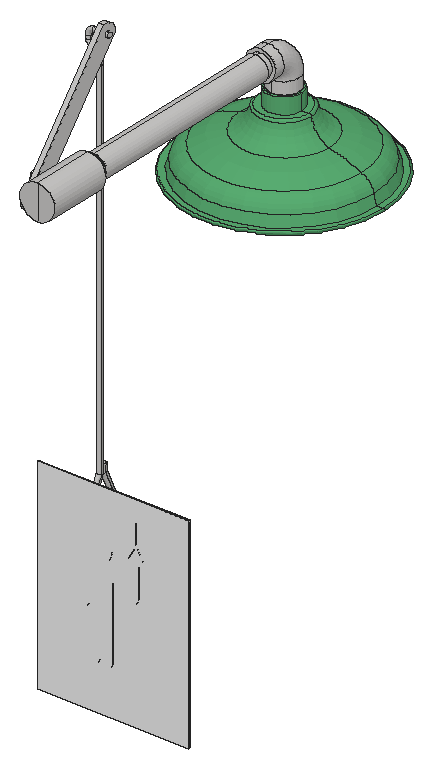
Revit family "Shower-Haws_Corporation-Drench_Shower_8122", category Plumbing Fixtures, host Wall, Revit 2013
Parameters (values of type "8122")
  Waste Connection = WFU = 1  # yes
  WFU = 1  # constant formula
  Vent Connection = WFU > 1  # no
  URL = "http://www.hawsco.com/"
  Type Comments = "Drench shower offers a new hydrodynamic shower design that minimizes the strong physical pressure"
  Tubing = Metal - Haws Corporation - Galvanized Steel
  Supply Radius = 1"
  Shower Head = Metal - Haws Corporation - Green Powder Coating
  Series = "AXION MSR™"  # constant formula
  Pull Rod Height = 69"
  Pull Rod = Metal - Haws Corporation - High Polished Stainless Steel
  Product Page URL = "http://www.hawsco.com/drench-shower-with-abs-plastic-head"
  Product Documentation Link = "http://www.hawsco.com/downloads/dl/file/id/14678/haws_model_8122_specsheet_pdf.pdf"
  Model = "8122"
  Max.Overhang = 16 1/4"  # constant formula
  Material = ""
  Head Level = 86 1/4"
  Manufacturer = "Haws Corporation 1455 Kleppe Lane Sparks, NV 89431"  # constant formula
  Keynote = "15410"
  HWFU = 1  # constant formula
  HW Connection = HWFU > 1  # no
  Flow = 31 GPM
  Description = "Requires minimal maintenance and is equipped with test card to record weekly testing"
  Cost Note = "For Cost information please visit the Resource tab in the Product Page URL"  # constant formula
  Connection Radius = 1/2"  # constant formula
  CWFU = 1  # constant formula
  CW Connection = CWFU = 1  # yes
  Assembly Code = "D2010710"
Reference planes
  plane 1: y = 0
  plane 2 "Center (Left/Right)": x = -12.119
  plane 3 "Back": y = 171.45
  plane 4 "Shower Level": z = 2190.75
  plane 5 "Rod Level": z = 1752.6
  plane 6 "Head Overhang": y = 584.2
  plane 7: y = 717.55
Forms (mm)
  Revolve 1, solid, material "Metal - Haws Corporation - Green Powder Coating" <- "Shower Head"
    sketch origin (0, 584.2, 0) x (-1, 0, 0) y (0, 0, 1)
      loop
        arc (-47.988, 2242.039) -> (-70.241, 2236.358) -> (-90.939, 2226.406) r 116.031
        arc (-90.939, 2226.406) -> (-101.893, 2219.224) -> (-108.492, 2207.909) r 28.575
        line (-108.492, 2207.909) -> (-112.659, 2194.281) -> (-120.662, 2194.281)
        arc (-120.662, 2194.281) -> (-122.247, 2192.692) -> (-120.66, 2191.106) r 1.587
        line (-120.66, 2191.106) -> (-112.185, 2191.106)
        arc (-112.185, 2191.106) -> (-110.677, 2191.603) -> (-109.761, 2192.899) r 2.535
        line (-109.761, 2192.899) -> (-105.172, 2207.909) -> (12.119, 2207.909) -> (12.119, 2295.373) -> (-10.235, 2295.373) -> (-11.415, 2294.193) -> (-11.415, 2273.198) -> (-20.492, 2273.198)
        arc (-20.492, 2273.198) -> (-22.513, 2272.472) -> (-23.609, 2270.625) r 3.175
        arc (-23.609, 2270.625) -> (-32.03, 2253.118) -> (-47.988, 2242.039) r 38.1
      axis (12.119, 2295.373) -> (12.119, 2191.106)
    angle from 0 to 360
  Sweep 2, solid, material "Metal - Haws Corporation - Galvanized Steel" <- "Tubing"
    path origin (-12.119, 0, 0) x (0, 1, 0) y (0, 0, 1)
      loop
        line (544.957, 2336.422) -> (558.996, 2336.422)
        arc (558.996, 2336.422) -> (576.818, 2329.04) -> (584.2, 2311.218) r 25.204
        line (584.2, 2311.218) -> (584.2, 2295.373)
    profile origin (-12.119, 551.977, 2336.422) x (0, 0, 1) y (1, 0, 0)
      loop
        circle (0, 0) r 19.986
  Extrusion 3, solid, material "Metal - Haws Corporation - Polished Chrome", detail levels medium+fine
    sketch origin (-12.119, 44.45, 0) x (0, 1, 0) y (0, 0, 1)
      loop
        line (171.606, 2344.864) -> (163.551, 2341.932) -> (162.062, 2333.49) -> (168.629, 2327.979) -> (176.685, 2330.911) -> (178.173, 2339.354) -> (171.606, 2344.864)
    from 0 to -38.1
  Revolve 4, solid, material "Metal - Haws Corporation - Galvanized Steel"
    sketch origin (-12.119, 0, 0) x (0, 1, 0) y (0, 0, 1)
      loop
        line (256.032, 2359.726) -> (171.45, 2359.726) -> (171.45, 2336.422) -> (544.957, 2336.422) -> (544.957, 2351.498) -> (536.05, 2351.498) -> (536.05, 2353.122) -> (266.047, 2353.122) -> (266.047, 2351.584) -> (256.032, 2351.584) -> (256.032, 2359.726)
      axis (544.957, 2336.422) -> (171.45, 2336.422)
    angle from 0 to 360
Lines and regions (mm)
  Masking region 1, detail levels medium+fine
    outline origin (0, 0, 0) x (1, 0, 0) y (0, 1, 0)
      loop
        arc (-12.119, 604.186) -> (-26.251, 598.332) -> (-32.104, 584.2) r 19.986
        line (-32.104, 584.2) -> (-32.104, 544.957) -> (-28.819, 544.957) -> (-28.819, 254.485) -> (-35.527, 254.485) -> (-35.527, 171.45) -> (11.29, 171.45) -> (11.29, 254.485) -> (4.582, 254.485) -> (4.582, 544.957) -> (7.867, 544.957) -> (7.867, 584.2)
        arc (7.867, 584.2) -> (2.014, 598.332) -> (-12.119, 604.186) r 19.986
  Masking region 2, detail levels medium+fine
    outline origin (0, 0.794, 0) x (1, 0, 0) y (0, 1, 0)
      loop
        line (-50.219, 222.623) -> (-50.219, 206.512) -> (-12.119, 206.512) -> (-12.119, 222.623) -> (-50.219, 222.623)
  Masking region 3
    outline origin (0, 0, 0) x (1, 0, 0) y (0, 1, 0)
      loop
        circle (-12.119, 584.2) r 133.35
  symbolic lines, style "Symbolic line", detail levels fine
    curve 1: line (-37.036, 184.407, 0) -> (-43.386, 184.431, 0)
    curve 2: line (-43.386, 184.431, 0) -> (-43.386, 317.517, 0)
    curve 3: line (-43.386, 317.517, 0) -> (-62.858, 317.517, 0)
    curve 4: line (-62.858, 323.867, 0) -> (-43.386, 323.867, 0)
    curve 5: line (-43.386, 323.867, 0) -> (-43.386, 334.526, 0)
    curve 6: line (-43.386, 334.526, 0) -> (-37.036, 334.526, 0)
    curve 7: line (-37.036, 334.526, 0) -> (-37.036, 323.876, 0)
    curve 8: line (-37.036, 323.876, 0) -> (-34.775, 323.876, 0)
    curve 9: line (-34.775, 323.876, 0) -> (-34.775, 317.5, 0)
    curve 10: line (-34.775, 317.5, 0) -> (-37.036, 317.5, 0)
    curve 11: line (-37.036, 317.5, 0) -> (-37.036, 184.407, 0)
    curve 12: arc (-62.858, 317.517, 0) -> (-66.033, 320.692, 0) -> (-62.858, 323.867, 0) r 3.175
    curve 13: line (-51.548, 323.867, 0) -> (-51.548, 407.454, 0)
    curve 14: line (-45.22, 407.454, 0) -> (-45.22, 323.867, 0)
    curve 15: line (-51.548, 317.517, 0) -> (-51.548, 240.059, 0)
    curve 16: line (-45.134, 240.059, 0) -> (-45.134, 317.517, 0)
    curve 17: arc (-51.548, 407.454, 0) -> (-48.384, 410.619, 0) -> (-45.22, 407.454, 0) r 3.164
    curve 18: arc (-51.548, 240.059, 0) -> (-48.341, 236.852, 0) -> (-45.134, 240.059, 0) r 3.207
  symbolic lines, style "Symbolic line", detail levels medium+fine
    curve 19: circle (-12.119, 584.2, 0) r 103.058 normal (0, 0, 1)
    curve 20: circle (-12.119, 584.2, 0) r 60.107 normal (0, 0, 1)
  symbolic lines, style "Symbolic line", detail levels coarse
    curve 21: line (-12.119, 171.45, 0) -> (-12.119, 584.2, 0)
    curve 22: circle (-12.119, 584.2, 0) r 19.986 normal (0, 0, 1)
Text (mm)
  text "Placement Side" at (0, 1019.848, 3124.603), in view "Right"
  text "Placement Side" at (-1787.662, 1163.984, 0), in view "Ref. Level"
  text "Placement Side" at (0, 1206.291, 2872.884), in view "Left"
Dimensions and locks
  locked: plane 3 "Back" to host wall
  "Head Level": level to plane 4 "Shower Level"
  "Pull Rod Height": level to plane 5 "Rod Level"
  "Max.Overhang": plane 6 "Head Overhang" to host wall
  Revolve 1 sketch curve to Revolve 1 sketch curve to plane 5 "Rod Level" = 12 3/4" locked, 15" locked
  Revolve 1 sketch curve to Revolve 1 sketch curve to Revolve 1 sketch curve to plane 1 = 0" locked, 0" locked, 23"
  Revolve 1 sketch curve to Revolve 1 sketch curve to plane 2 "Center (Left/Right)" = 4.3635" locked, 0.9265" locked
  locked: plane 6 "Head Overhang" to Sweep 2 sketch curve at 32.223
  locked: plane 2 "Center (Left/Right)" to Sweep 2 sketch curve at 0
  Sweep 2 sketch curve to Sweep 2 sketch curve to plane 5 "Rod Level" = 0.78684" locked, 22.9851" locked
  Extrusion 3 sketch curve to Extrusion 3 sketch curve to Extrusion 3 sketch curve to Extrusion 3 sketch curve to Extrusion 3 sketch curve to Extrusion 3 sketch curve to plane 4 "Shower Level" = 0.11543" locked, 0.10151" locked, 0.23086" locked, 0.10151" locked, 0.11543" locked, 5.40273" locked
  locked: plane 3 "Back" to plane 7 at 546.1
  locked: plane 7 to nested 2 at 304.8
  locked: nested 2 to plane 2 "Center (Left/Right)" at 127
  nested 1 to plane 3 "Back" = 5 7/8"
  locked: Revolve 4 sketch curve to plane 4 "Shower Level" at 145.672
  Revolve 4 sketch curve to Revolve 4 sketch curve to Revolve 4 sketch curve to Revolve 4 sketch curve to plane 3 "Back" = 0.35067" locked, 10.63004" locked, 0.39429" locked, 3.33002" locked
  Revolve 4 sketch curve to Revolve 4 sketch curve to Revolve 4 sketch curve to Revolve 4 sketch curve to Revolve 4 sketch curve to plane 4 "Shower Level" = 0.26" locked, 0.06056" locked, 0.00338" locked, 0.59356" locked, 5.7351" locked
  plane 6 "Head Overhang" to Extrusion 3 sketch curve to Extrusion 3 sketch curve to Extrusion 3 sketch curve to Extrusion 3 sketch curve to Extrusion 3 sketch curve to Extrusion 3 sketch curve = 14.2353" locked, 15/256" locked, 0.19993" locked, 0.11721" locked, 0.19993" locked, 15/256" locked
  aligned and locked: plane 3 "Back" to Revolve 4 sketch curve
  aligned and locked: nested 3 to plane 5 "Rod Level"  (x2)
  aligned and locked: nested 3 to plane 2 "Center (Left/Right)"
  aligned and locked: plane 3 "Back" to nested 3
Automatic sketch dimensions
  Revolve 1 sketch curve to plane 2 "Center (Left/Right)" = 0"  (x2)
  plane 2 "Center (Left/Right)" to Revolve 1 sketch curve = 0.88004"
  Revolve 1 sketch curve to Revolve 1 sketch curve = 0.04646"  (x2)
  Revolve 1 sketch curve to Revolve 1 sketch curve = 0.35736"
  Revolve 1 sketch curve to Revolve 1 sketch curve = 0.12274"
  Revolve 1 sketch curve to Revolve 1 sketch curve = 0"  (x2)
  plane 2 "Center (Left/Right)" to Revolve 1 sketch curve = 1.68011"
  Revolve 1 sketch curve to Revolve 1 sketch curve = 0.95982"
  Revolve 1 sketch curve to Revolve 1 sketch curve = 0.51303"
  plane 4 "Shower Level" to Revolve 1 sketch curve = 0.34663"
  Revolve 1 sketch curve to Revolve 1 sketch curve = 1.3062"
  Revolve 1 sketch curve to Revolve 1 sketch curve = 0.38477"
  Revolve 1 sketch curve to Revolve 1 sketch curve = 0.56036"
  plane 4 "Shower Level" to Revolve 1 sketch curve = 0.67555"
  Revolve 1 sketch curve to Revolve 1 sketch curve = 0.13071"
  plane 4 "Shower Level" to Revolve 1 sketch curve = 0.08461"
  Revolve 1 sketch curve to Revolve 1 sketch curve = 0.04996"
  plane 4 "Shower Level" to Revolve 1 sketch curve = 0.014"
  Revolve 1 sketch curve to Revolve 1 sketch curve = 0.09542"
  plane 4 "Shower Level" to Revolve 1 sketch curve = 0.139"
  Revolve 1 sketch curve to Revolve 1 sketch curve = 0.01866"
  Revolve 1 sketch curve to Revolve 1 sketch curve = 0.315"
  Revolve 1 sketch curve to Revolve 1 sketch curve = 0.00008"
  Revolve 1 sketch curve to Revolve 1 sketch curve = 0.24705"
  Revolve 1 sketch curve to Revolve 1 sketch curve = 1.10175"
  Revolve 1 sketch curve to Revolve 1 sketch curve = 0.82654"
  Sweep 2 sketch curve to plane 6 "Head Overhang" = 0"
  Sweep 2 sketch curve to plane 6 "Head Overhang" = 0.99227"
  Sweep 2 sketch curve to Sweep 2 sketch curve = 0.55271"
  plane 4 "Shower Level" to Sweep 2 sketch curve = 4.119"
  Sweep 2 sketch curve to Sweep 2 sketch curve = 0.62383"
  Sweep 2 sketch curve to plane 2 "Center (Left/Right)" = 0"
  Sweep 2 sketch curve to profile plane = 0"
  Masking region 1 sketch curve to Masking region 1 sketch curve = 0"  (x4)
  Masking region 1 sketch curve to host wall = 0"
  Masking region 1 sketch curve to plane 6 "Head Overhang" = 0"
  Masking region 1 sketch curve to plane 2 "Center (Left/Right)" = 0"
  Masking region 1 sketch curve to plane 2 "Center (Left/Right)" = 0.6575"
  Masking region 1 sketch curve to plane 2 "Center (Left/Right)" = 0.78684"
  Masking region 1 sketch curve to plane 2 "Center (Left/Right)" = 0.92161"
  Masking region 1 sketch curve to Masking region 1 sketch curve = 0.12934"
  Masking region 1 sketch curve to Masking region 1 sketch curve = 0.26411"
  host wall to Masking region 1 sketch curve = 3.26909"
  Masking region 1 sketch curve to plane 6 "Head Overhang" = 1.54498"
  Masking region 2 sketch curve to plane 2 "Center (Left/Right)" = 0"
  Masking region 2 sketch curve to plane 2 "Center (Left/Right)" = 1 1/2"
  host wall to Masking region 2 sketch curve = 1.41166"
  Masking region 2 sketch curve to Masking region 2 sketch curve = 0.63429"
  Masking region 3 sketch curve to plane 2 "Center (Left/Right)" = 0"
  Masking region 3 sketch curve to plane 6 "Head Overhang" = 0"
  host wall to Revolve 4 sketch curve = 7.29498"
  Revolve 4 sketch curve to plane 7 = 8.95502"
  curve 19 to curve 20 = 0"  (x2)
  curve 19 to curve 22 = 0"  (x2)
  curve 20 to curve 22 = 0"  (x2)
  curve 19 to plane 2 "Center (Left/Right)" = 0"
  curve 21 to host wall = 0"
  curve 21 to plane 2 "Center (Left/Right)" = 0"
  curve 20 to plane 6 "Head Overhang" = 0"
  curve 21 to plane 6 "Head Overhang" = 0"
  curve 10 to plane 2 "Center (Left/Right)" = 0.892"
  curve 1 to plane 2 "Center (Left/Right)" = 0.98101"
  curve 6 to curve 8 = 0.08901"
  curve 2 to curve 10 = 1/4"
  curve 4 to curve 2 = 0"
  curve 16 to curve 2 = 0.0688"
  curve 14 to plane 2 "Center (Left/Right)" = 1.30319"
  curve 18 to curve 16 = 0.12627"
  curve 17 to curve 14 = 0.12458"
  curve 12 to curve 15 = 0.44528"
  host wall to curve 11 = 0.51011"
  curve 1 to curve 2 = 0.00093"
  curve 1 to curve 16 = 2.19011"
  curve 16 to curve 9 = 3.04884"
  curve 10 to curve 16 = 0.00069"
  curve 3 to curve 12 = 1/8"
  curve 9 to curve 8 = 0.25104"
  curve 4 to curve 6 = 0.41964"
  curve 5 to curve 17 = 2.87118"
  radius of Sweep 2 sketch curve = 0.78684"
  radius of Masking region 3 sketch curve = 5 1/4"
  radius of curve 19 = 4.05739"
  radius of curve 20 = 2.36642"
  radius of curve 22 = 0.78684"
Nested families
  nested 1: "Rod" at (-48.37, 320.675, 2463.16) x (-1, 0, 0) z (0, 0, 1), type "Rod", detail levels fine
  nested 2: "Notation" at (-139.119, 1022.35, 0), type "Notation", detail levels coarse+medium
  nested 3: "Sign 8122" at (89.481, 172.244, 1752.6) x (-1, 0, 0) z (0, 0, 1), type "Sign 8122", detail levels fine
Connectors
  piping at (-12.119, 171.45, 2336.422), driven by "Supply Radius", driven by "Flow"
    settings: on Revolve 4, index 1, connector radius 1", flow factor 0, pipe flow 31 GPM, pressure drop 0.00 psi, fitting loss kfactor 0, connector angle 0.00°, fixture units 0, engagement length 0", flow configuration 0, flow direction 1, fitting loss method 0, system type 20, joint type 0, gender type 0, connector reference index -1, connector utility 0, adjustable connector no, is connector primary yes, fitting loss table "", connector description "Inlet Supply"
Definition of nested family "Rod"
  Parameters
    Pull Rod = Metal - Haws Corporation - High Polished Stainless Steel
  Reference planes
    plane 1 "Center (Front/Back)": y = 0
    plane 2: z = 0
    plane 3 "Center (Left/Right)": x = 0
  Forms (mm)
    Sweep 1, solid, material "Metal - Haws Corporation - High Polished Stainless Steel"
      path in 3D
        loop
          line (0, 0, -36.972) -> (0, 0, -529.615) -> (0, 79.979, -705.965)
          arc (0, 79.979, -705.965) -> (0, 79.533, -712.028) -> (0, 74.196, -714.938) r 6.35
          line (0, 74.196, -714.938) -> (0, -80.533, -714.938)
          arc (0, -80.533, -714.938) -> (0, -85.872, -712.025) -> (0, -86.313, -705.959) r 6.35
          line (0, -86.313, -705.959) -> (0, -6.35, -530.155) -> (0, -6.35, -520.174)
      profile origin (0, 0, -283.293) x (1, 0, 0) y (0, 1, 0)
        loop
          circle (0, 0) r 3.175
    Sweep 2, solid, material "Metal - Haws Corporation - High Polished Stainless Steel"
      path origin (0, 0, -7.892) x (1, 0, 0) y (0, 0, 1)
        loop
          line (0, -31.157) -> (0, -16.63)
          arc (0, -16.63) -> (1.603, -12.761) -> (5.473, -11.158) r 5.473
          line (5.473, -11.158) -> (8.108, -11.158)
          arc (8.108, -11.158) -> (12.698, -9.256) -> (14.6, -4.666) r 6.492
          line (14.6, -4.666) -> (14.6, 0.046)
          arc (14.6, 0.046) -> (12.302, 5.594) -> (6.753, 7.892) r 7.846
          line (6.753, 7.892) -> (-13.595, 7.892)
      profile origin (0, 0, -31.786) x (-1, 0, 0) y (0, -1, 0)
        loop
          circle (0, 0) r 3.175
    Extrusion 3, solid, material "Metal - Haws Corporation - High Polished Stainless Steel" <- "Pull Rod", detail levels medium+fine
      sketch origin (-9.661, 225.393, -2462.65) x (0, -1, 0) y (0, 0, -1)
        loop
          line (239.253, -2459.596) -> (108.638, -2303.936)
          arc (108.638, -2303.936) -> (94.828, -2307.235) -> (89.181, -2320.263) r 15.875
          line (89.181, -2320.263) -> (219.795, -2475.923)
          arc (219.795, -2475.923) -> (233.605, -2472.624) -> (239.253, -2459.596) r 15.875
        loop
          circle (225.442, -2462.895) r 3.969
        loop
          circle (119.318, -2336.422) r 5.08
      from 0 to 6.35
  Cuts and joins
    joined: Sweep 1, Sweep 2
  Lines and regions (mm)
    sketch lines
      curve 1: line (0, 0, -36.972) -> (0, 0, -529.615)
      curve 2: line (0, 0, -529.615) -> (0, 79.979, -705.965)
      curve 3: line (0, 74.196, -714.938) -> (0, -80.533, -714.938)
      curve 4: line (0, -6.35, -530.155) -> (0, -86.313, -705.959)
      curve 5: arc (0, -86.313, -705.959) -> (0, -85.872, -712.025) -> (0, -80.533, -714.938) r 6.35
      curve 6: arc (0, 74.196, -714.938) -> (0, 79.533, -712.028) -> (0, 79.979, -705.965) r 6.35
      curve 7: line (0, -6.35, -520.174) -> (0, -6.35, -530.155)
  Dimensions and locks
    Extrusion 3 sketch curve to Extrusion 3 sketch curve to Extrusion 3 sketch curve to Extrusion 3 sketch curve = 0.15471", 4.30382", 0.56451"
    Extrusion 3 sketch curve to Extrusion 3 sketch curve to Extrusion 3 sketch curve to Extrusion 3 sketch curve = 0.76604" locked, 4.37626" locked, 0.76604" locked
    locked: Extrusion 3 sketch curve to Extrusion 3 sketch curve at 0
Definition of nested family "Sign 8122"
  Reference planes
    plane 1 "Center (Front/Back)": y = 0
    plane 2: z = 0
    plane 3 "Center (Left/Right)": x = 0
    plane 4: y = 0.794
    plane 5: y = -0.794
  Forms (mm)
    Extrusion 1, solid, material "Plastic - Haws - White"
      sketch origin (0, 0, 0) x (1, 0, 0) y (0, 0, 1)
        loop
          line (101.6, 273.05) -> (-101.6, 273.05) -> (-101.6, 0) -> (101.6, 0) -> (101.6, 273.05)
      from -0.794 to 0
    Extrusion 2, solid, material "Plastic - Haws - Black"
      sketch origin (0, 0, 0) x (1, 0, 0) y (0, 0, 1)
        loop
          line (-101.6, 273.05) -> (-101.6, 0) -> (101.6, 0) -> (101.6, 273.05) -> (-101.6, 273.05)
        loop
          line (95.25, 266.7) -> (-95.25, 266.7) -> (-95.25, 6.35) -> (95.25, 6.35) -> (95.25, 266.7)
      from 0 to 0.794
    Extrusion 3, solid, material "Plastic - Haws - Black"
      sketch origin (0, 0, 0) x (1, 0, 0) y (0, 0, 1)
        loop
          line (-45.023, 259.038) -> (-50.756, 259.038) -> (-50.756, 59.796) -> (-45.023, 59.796) -> (-45.023, 245.502) -> (-29.958, 245.502) -> (-29.958, 218.01) -> (-42.965, 195.247) -> (-33.558, 195.247) -> (-33.558, 154.384)
          arc (-33.558, 154.384) -> (-28.805, 146.693) -> (-19.8, 147.505) r 8.599
          line (-19.8, 147.505) -> (0.838, 162.983) -> (0.838, 65.528)
          arc (0.838, 65.528) -> (6.57, 59.796) -> (12.303, 65.528) r 5.733
          line (12.303, 65.528) -> (12.303, 119.989)
          arc (12.303, 119.989) -> (15.169, 122.855) -> (18.036, 119.989) r 2.866
          line (18.036, 119.989) -> (18.036, 65.528)
          arc (18.036, 65.528) -> (23.768, 59.796) -> (29.501, 65.528) r 5.733
          line (29.501, 65.528) -> (29.501, 168.716) -> (32.367, 168.716) -> (32.367, 128.587)
          arc (32.367, 128.587) -> (38.1, 122.855) -> (43.833, 128.587) r 5.733
          line (43.833, 128.587) -> (43.833, 171.582)
          arc (43.833, 171.582) -> (41.327, 177.65) -> (35.271, 180.181) r 8.599
          line (35.271, 180.181) -> (3.704, 180.181)
          arc (3.704, 180.181) -> (0.985, 179.74) -> (-1.455, 178.461) r 8.599
          line (-1.455, 178.461) -> (-22.093, 162.983) -> (-22.093, 195.247) -> (-12.685, 195.247) -> (-25.693, 218.01) -> (-25.693, 245.502) -> (8.004, 245.502)
          arc (8.004, 245.502) -> (10.03, 244.662) -> (10.87, 242.636) r 2.866
          line (10.87, 242.636) -> (10.87, 231.325)
          arc (10.87, 231.325) -> (5.487, 229.381) -> (0.838, 226.042) r 20.781
          line (0.838, 226.042) -> (29.501, 226.042)
          arc (29.501, 226.042) -> (24.852, 229.381) -> (19.469, 231.325) r 20.781
          line (19.469, 231.325) -> (19.469, 249.801)
          arc (19.469, 249.801) -> (18.21, 252.842) -> (15.169, 254.101) r 4.299
          line (15.169, 254.101) -> (-45.023, 254.101) -> (-45.023, 259.038)
        loop
          circle (15.169, 197.379) r 12.898
        loop
          line (-35.616, 199.512) -> (-33.558, 199.512) -> (-33.558, 197.379)
          arc (-33.558, 197.379) -> (-27.825, 203.112) -> (-22.093, 197.379) r 5.733
          line (-22.093, 197.379) -> (-22.093, 199.512) -> (-20.035, 199.512) -> (-27.825, 213.145) -> (-35.616, 199.512)
        loop
          line (95.25, 6.35) -> (95.25, 266.7) -> (-95.25, 266.7) -> (-95.25, 6.35) -> (95.25, 6.35)
        loop
          line (-101.6, 273.05) -> (-101.6, 0) -> (101.6, 0) -> (101.6, 273.05) -> (-101.6, 273.05)
      from 0 to 0.794
  Dimensions and locks
    locked: plane 4 to plane 1 "Center (Front/Back)" at 0.794
    locked: plane 1 "Center (Front/Back)" to plane 5 at 0.794
    Extrusion 3 sketch curve to Extrusion 3 sketch curve to Extrusion 3 sketch curve to Extrusion 3 sketch curve to Extrusion 3 sketch curve to Extrusion 3 sketch curve to Extrusion 3 sketch curve to Extrusion 3 sketch curve to Extrusion 3 sketch curve to Extrusion 3 sketch curve to plane 2 = 0.55167" locked, 0.19436" locked, 0.33854" locked, 0" locked, 0.76613" locked, 1.21243" locked, 0" locked, 5.33271" locked, 2.10417" locked, 1/4" locked
    Extrusion 3 sketch curve to Extrusion 3 sketch curve to plane 3 "Center (Left/Right)" = 65/128" locked, 0.08941" locked
    plane 3 "Center (Left/Right)" to Extrusion 3 sketch curve to Extrusion 3 sketch curve to Extrusion 3 sketch curve to Extrusion 3 sketch curve to Extrusion 3 sketch curve to Extrusion 3 sketch curve to Extrusion 2 to Extrusion 2 = 0.49942" locked, 0.37037" locked, 0.45139" locked, 0.37037" locked, 0.08102" locked, 0.22569" locked, 1.75174" locked, 1/4" locked
    Extrusion 3 sketch curve to Extrusion 3 sketch curve to Extrusion 3 sketch curve to Extrusion 3 sketch curve to Extrusion 3 sketch curve to Extrusion 3 sketch curve to Extrusion 3 sketch curve to Extrusion 3 sketch curve to Extrusion 3 sketch curve to Extrusion 3 sketch curve to plane 3 "Center (Left/Right)" = 0.45139" locked, 0.11285" locked, 0.39497" locked, 0.05642" locked, 0" locked, 0.22569" locked, 0.05642" locked, 0.39497" locked, 0" locked, 0.03299" locked
    Extrusion 3 sketch curve to plane 2 to Extrusion 3 sketch curve = 10 3/4" locked, 0" locked
    locked: plane 1 "Center (Front/Back)" to Extrusion 3 sketch curve at 0
    Extrusion 3 sketch curve to plane 3 "Center (Left/Right)" to Extrusion 3 sketch curve = 4" locked, 4" locked
    aligned and locked: plane 2 to level
    aligned and locked: Extrusion 1 to plane 4
    aligned and locked: plane 1 "Center (Front/Back)" to Extrusion 1
    aligned and locked: Extrusion 2 to plane 1 "Center (Front/Back)"
    aligned and locked: plane 5 to Extrusion 2
Definition of nested family "Notation"
  Parameters
    Notation = "L4"
  Reference planes
    plane 1: y = 0
    plane 2: x = 0
  Text (mm)
    label "Notation" at (5.134, 0.88, 0), shows "Notation"
